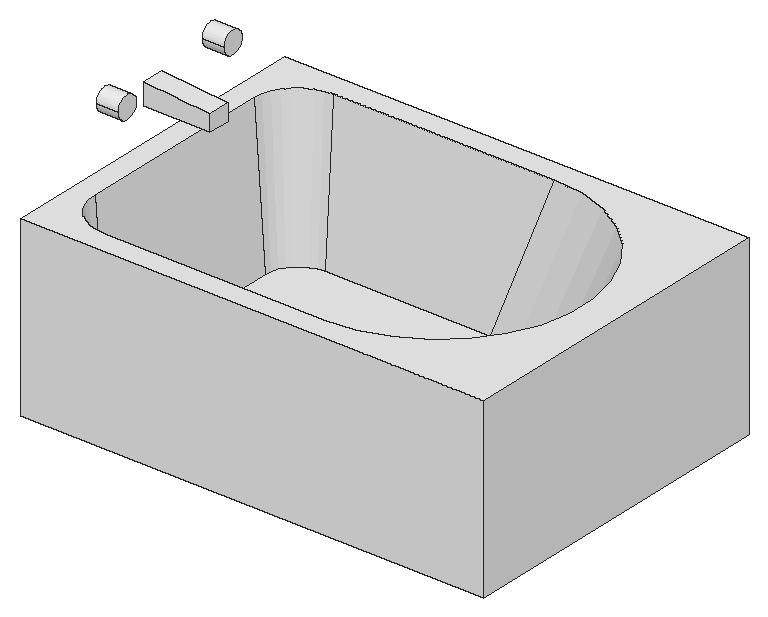
Revit family
Parameters (values of type "30"x42"")
  Waste  Radius = 3/8"
  Waste  Diameter = Waste  Radius * 2  # 3/4"
  WFU = 2
  Subcategory = "Fixtures"  # constant formula
  SmartBIM Object Version = 3  # constant formula
  SmartBIM Object Created By = "Reed Construction Data"  # constant formula
  Radius 2 = (Bath Tub Width - 0' 3" - 0' 3") / 2  # 12"
  Radius 1 = (Bath Tub Width - 0' 2" - 0' 2") / 2  # 13"
  Hot Water Radius = 1/8"
  Hot Water Diameter = Hot Water Radius * 2  # 1/4"
  HWFU = 3
  Cold Water Radius = 1/8"
  Cold Water Diameter = Cold Water Radius * 2  # 1/4"
  CWFU = 3
  Bath Tub Width = 30"
  Bath Tub Material = Porcelain
  Bath Tub Length = 42"
  Bath Tub Height = 16"
  Assembly Code = "D2010500"
  95 CSI = "15400"  # constant formula
  04 CSI = "22 30 00"  # constant formula
Types (7): name | Radius 2 | Radius 1 | Bath Tub Width | Bath Tub Length
  30"x42" | 12" | 13" | 30" | 42"
  30"x48" | 12" | 13" | 30" | 48"
  30"x54" | 12" | 13" | 30" | 54"
  30"x60" | 12" | 13" | 30" | 60"
  32"x54" | 13" | 14" | 32" | 54"
  32"x60" | 13" | 14" | 32" | 60"
  32"x66" | 13" | 14" | 32" | 66"
Reference planes (in)
  plane 1 "Center (Front/Back)": y = 0
  plane 2: z = 0
  plane 3 "Center (Left/Right)": x = 0
  plane 4: y = 30
  plane 5: x = 42
  plane 6: z = 16
  plane 7: x = 2
  plane 8: y = 28
  plane 9: y = 2
  plane 10: x = 39
  plane 11: x = 6
  plane 12: y = 24
  plane 13: y = 6
  plane 14: y = 15
  plane 15: x = 26
  plane 16: x = 3
  plane 17: y = 27
  plane 18: y = 3
  plane 19: x = 33
  plane 20: x = 21
  plane 21: z = 2
  plane 22: x = 0.5
  plane 23: y = 21
  plane 24: y = 9
  plane 25: x = 2.5
  plane 26: z = 22
  plane 27: z = 19
  plane 28: z = 21
  plane 29: x = 6
  plane 30: z = 20.5
  plane 31: y = 16
  plane 32: y = 14
  plane 33: x = 7
  plane 34: z = 10
  plane 35: y = 19
  plane 36: y = 11
Forms (in)
  Extrusion 1, solid, material "Porcelain" <- "Bath Tub Material"
    sketch origin (0, 0, 0) x (1, 0, 0) y (0, 1, 0)
      loop
        line (0, 0) -> (42, 0) -> (42, 30) -> (0, 30) -> (0, 0)
    from 0 to 16
  Blend 2, void
    base sketch origin (0, 0, 0) x (1, 0, 0) y (0, 1, 0)
      loop
        arc (6, 28) -> (3.17157, 26.82843) -> (2, 24) r 4
        line (2, 24) -> (2, 6)
        arc (2, 6) -> (3.17157, 3.17157) -> (6, 2) r 4
        line (6, 2) -> (26, 2)
        arc (26, 2) -> (39, 15) -> (26, 28) r 13
        line (26, 28) -> (6, 28)
    top sketch origin (0, 0, 0) x (1, 0, 0) y (0, 1, 0)
      loop
        arc (6, 27) -> (3.87868, 26.12132) -> (3, 24) r 3
        line (3, 24) -> (3, 6)
        arc (3, 6) -> (3.87868, 3.87868) -> (6, 3) r 3
        line (6, 3) -> (21, 3)
        arc (21, 3) -> (33, 15) -> (21, 27) r 12
        line (21, 27) -> (6, 27)
    from 16 to 2
  Extrusion 3, solid, material "Porcelain" <- "Bath Tub Material"
    sketch origin (0, 0, 0) x (0, 1, 0) y (0, 0, 1)
      loop
        circle (21, 22) r 1
      loop
        circle (9, 22) r 1
    from 0.5 to 2.5
  Extrusion 4, solid, material "Porcelain" <- "Bath Tub Material"
    sketch origin (0, 0, 0) x (1, 0, 0) y (0, 0, 1)
      loop
        line (0, 21) -> (0, 19) -> (6, 19) -> (6, 20.5) -> (0, 21)
    from -16 to -14
  Extrusion 5, void
    sketch origin (0, 0, 0) x (1, 0, 0) y (0, 1, 0)
      loop
        circle (7, 15) r 1.75
    from 0 to 2
  Extrusion 6, solid, material "Porcelain" <- "Bath Tub Material"
    sketch origin (0, 0, 0) x (0, 1, 0) y (0, 0, 1)
      loop
        circle (19, 10) r 0.75
      loop
        circle (11, 10) r 0.75
    from 0 to 2
Cuts and joins
  Blend 2, Extrusion 5 cuts Extrusion 1
  joined: Extrusion 1, Extrusion 6
Lines and regions (in)
  symbolic lines
    curve 1: arc (6, 28, 0) -> (3.17157, 26.82843, 0) -> (2, 24, 0) r 4
    curve 2: arc (6, 2, 0) -> (3.17157, 3.17157, 0) -> (2, 6, 0) r 4
    curve 3: line (2, 24, 0) -> (2, 6, 0)
    curve 4: arc (26, 28, 0) -> (39, 15, 0) -> (26, 2, 0) r 13
    curve 5: line (6, 28, 0) -> (26, 28, 0)
    curve 6: line (6, 2, 0) -> (26, 2, 0)
    curve 13: line (0, 30, 0) -> (42, 30, 0)
    curve 14: line (0, 0, 0) -> (42, 0, 0)
    curve 15: line (42, 30, 0) -> (42, 0, 0)
    curve 16: line (0, 30, 0) -> (0, 0, 0)
    curve 17: circle (7, 15, 0) r 1.75 normal (0, 0, 1)
  symbolic lines, detail levels fine
    curve 7: arc (6, 27, 0) -> (3.87868, 26.12132, 0) -> (3, 24, 0) r 3
    curve 8: arc (6, 3, 0) -> (3.87868, 3.87868, 0) -> (3, 6, 0) r 3
    curve 9: arc (21, 27, 0) -> (33, 15, 0) -> (21, 3, 0) r 12
    curve 10: line (3, 24, 0) -> (3, 6, 0)
    curve 11: line (6, 27, 0) -> (21, 27, 0)
    curve 12: line (6, 3, 0) -> (21, 3, 0)
Dimensions and locks (in)
  "Bath Tub Width": plane 1 "Center (Front/Back)" to plane 4
  "Bath Tub Length": plane 3 "Center (Left/Right)" to plane 5
  "Bath Tub Height": plane 2 to plane 6
  plane 3 "Center (Left/Right)" to plane 7 = 0' - 2"
  locked: plane 1 "Center (Front/Back)" to plane 9 at 2
  locked: plane 4 to plane 8 at 2
  locked: plane 10 to plane 5 at 3
  locked: plane 7 to plane 11 at 4
  locked: plane 8 to plane 12 at 4
  locked: plane 13 to plane 9 at 4
  equal spacing: plane 4, plane 14, plane 1 "Center (Front/Back)"
  "Radius 1": plane 15 to plane 10
  locked: plane 3 "Center (Left/Right)" to plane 16 at 3
  locked: plane 4 to plane 17 at 3
  locked: plane 1 "Center (Front/Back)" to plane 18 at 3
  locked: plane 19 to plane 5 at 9
  "Radius 2": plane 20 to plane 19
  locked: plane 2 to plane 21 at 2
  locked: plane 3 "Center (Left/Right)" to plane 22 at 0.5
  locked: plane 23 to plane 14 at 6
  locked: plane 14 to plane 24 at 6
  locked: plane 22 to plane 25 at 2
  locked: plane 26 to plane 6 at 6
  locked: plane 27 to plane 6 at 3
  locked: plane 28 to plane 27 at 2
  locked: plane 29 to plane 3 "Center (Left/Right)" at 6
  locked: plane 30 to plane 27 at 1.5
  locked: plane 31 to plane 14 at 1
  locked: plane 14 to plane 32 at 1
  locked: plane 3 "Center (Left/Right)" to plane 33 at 7
  locked: plane 34 to plane 2 at 10
  locked: plane 35 to plane 14 at 4
  locked: plane 14 to plane 36 at 4
  radius of Extrusion 3 sketch curve = 0' - 1"  (x2)
  radius of Extrusion 5 sketch curve = 0' - 1 3/4"
  radius of curve 17 = 0' - 1 3/4"
  aligned and locked: plane 3 "Center (Left/Right)" to Extrusion 1 sketch curve
  aligned and locked: plane 1 "Center (Front/Back)" to Extrusion 1 sketch curve
  aligned and locked: plane 4 to Extrusion 1 sketch curve
  aligned and locked: plane 5 to Extrusion 1 sketch curve
  aligned and locked: plane 6 to Extrusion 1
  aligned and locked: Extrusion 1 to plane 2
  aligned and locked: plane 12 to curve 1
  aligned and locked: plane 9 to curve 2
  aligned and locked: plane 13 to curve 2
  aligned and locked: plane 11 to curve 2
  aligned and locked: curve 3 to plane 7
  aligned and locked: plane 12 to curve 3
  aligned and locked: plane 13 to curve 3
  aligned and locked: plane 15 to curve 4  (x2)
  aligned and locked: plane 9 to curve 4
  aligned and locked: plane 14 to curve 4
  aligned and locked: curve 5 to plane 8
  aligned and locked: plane 11 to curve 5
  aligned and locked: curve 6 to plane 11
  aligned and locked: plane 15 to curve 6
  aligned and locked: plane 11 to curve 7
  aligned and locked: plane 16 to curve 8
  aligned and locked: plane 11 to curve 8
  aligned and locked: plane 17 to curve 9
  aligned and locked: plane 18 to curve 9
  aligned and locked: plane 20 to curve 9
  aligned and locked: curve 10 to plane 16
  aligned and locked: plane 12 to curve 10
  aligned and locked: plane 13 to curve 10
  aligned and locked: curve 11 to plane 17
  aligned and locked: plane 11 to curve 11
  aligned and locked: plane 20 to curve 11
  aligned and locked: curve 12 to plane 18
  aligned and locked: plane 20 to curve 12
  aligned and locked: curve 12 to plane 11
  aligned and locked: Blend 2 sketch curve to curve 1
  aligned and locked: Blend 2 sketch curve to curve 6
  aligned and locked: Blend 2 sketch curve to curve 7
  aligned and locked: Blend 2 sketch curve to curve 12
  aligned and locked: Blend 2 sketch curve to curve 9
  aligned and locked: plane 6 to cut or joined group of Extrusion 1, Blend 2, Extrusion 5, Extrusion 6
  aligned and locked: cut or joined group of Extrusion 1, Blend 2, Extrusion 5, Extrusion 6 to plane 21
  aligned and locked: Extrusion 3 to plane 22
  aligned and locked: Extrusion 3 to plane 25
  aligned and locked: Extrusion 4 sketch curve to plane 3 "Center (Left/Right)"
  aligned and locked: plane 28 to Extrusion 4 sketch curve
  aligned and locked: plane 27 to Extrusion 4 sketch curve
  aligned and locked: Extrusion 4 sketch curve to plane 29
  aligned and locked: plane 30 to Extrusion 4 sketch curve
  aligned and locked: plane 29 to Extrusion 4 sketch curve
  aligned and locked: Extrusion 4 sketch curve to Extrusion 4 sketch curve
  aligned and locked: plane 3 "Center (Left/Right)" to Extrusion 4 sketch curve
  aligned and locked: plane 31 to Extrusion 4
  aligned and locked: Extrusion 4 to plane 32
  aligned and locked: curve 13 to plane 4
  aligned and locked: curve 16 to plane 3 "Center (Left/Right)"
  aligned and locked: plane 3 "Center (Left/Right)" to curve 14
  aligned and locked: plane 5 to curve 14
  aligned and locked: plane 1 "Center (Front/Back)" to curve 14
  aligned and locked: plane 4 to curve 15
  aligned and locked: plane 1 "Center (Front/Back)" to curve 15
  aligned and locked: curve 15 to plane 5
  aligned and locked: plane 14 to Extrusion 5 sketch curve
  aligned and locked: plane 33 to Extrusion 5 sketch curve
  aligned and locked: plane 21 to Extrusion 5
  aligned and locked: Extrusion 5 to plane 2
  aligned and locked: plane 14 to curve 17
  aligned and locked: plane 33 to curve 17
  aligned and locked: Extrusion 6 to plane 3 "Center (Left/Right)"
  aligned and locked: plane 7 to Extrusion 6
Automatic sketch dimensions
  Blend 2 sketch curve to plane 11 = 0' - 0"  (x2)
  Blend 2 sketch curve to plane 15 = 0' - 0"
  Extrusion 3 sketch curve to plane 24 = 0' - 0"
  Extrusion 3 sketch curve to plane 23 = 0' - 0"
  Extrusion 3 sketch curve to plane 26 = 0' - 0"  (x2)
  Extrusion 6 sketch curve to plane 34 = 0' - 0"  (x2)
  Extrusion 6 sketch curve to plane 36 = 0' - 0"
  Extrusion 6 sketch curve to plane 35 = 0' - 0"
  radius of Extrusion 6 sketch curve = 0' - 0 3/4"  (x2)
Connectors (in)
  piping at (0, 19, 10), driven by "CWFU", driven by "Cold Water Radius"
    settings: on Extrusion 6, index 1
  piping at (0, 11, 10), driven by "Hot Water Radius"
    settings: on Extrusion 6, index 2
  piping at (7, 15, 0), driven by "WFU", driven by "Waste  Radius"
    settings: on cut or joined group of Extrusion 1, Blend 2, Extrusion 5, Extrusion 6, index 3
